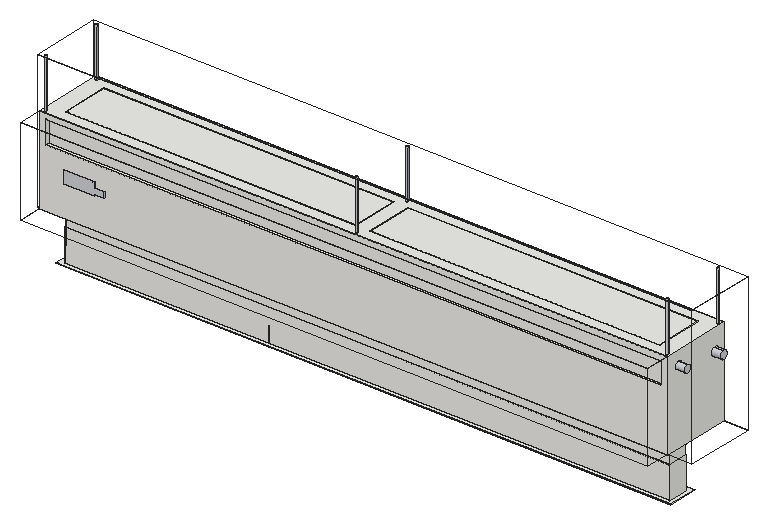
Revit family "AIRTECNICS_AIR CURTAIN_INVISAIR_DX-VRF_(HITACHI)123", category Mechanical Equipment, Revit 2016
Family settings
  Part Type = Normal
  Round Connector Dimension = Use Diameter
  OmniClass Number = 23.75.70.21.17
  OmniClass Title = Air Curtains
  Work Plane-Based = No
  Always vertical = Yes
  Cut with Voids When Loaded = No
  Shared = No
  Room Calculation Point = No
Parameters (values of type "IECG 2500 VRF29-HI")
  · POSITION · [instance] = "-/ Select Curtain Position /-"  # constant formula
  · PIPES POSITION · [instance] = "-/ Select Pipes Position /-"  # constant formula
  · OTHERS · [instance] = "-/ Select Supports - Inst.Maint. Space /-"  # constant formula
  · KITS CONFIGURATION · [instance] = "-/ Configure Length Kit /-"  # constant formula
  · HEATING · = "-/ Select Heating /-"  # constant formula
  · EXTERNAL UNIT · [instance] = "-/ Select External Unit Type /-"  # constant formula
  · COIL ROWS · = "-/ Select DX Coil Rows /-"  # constant formula
  Weight [instance] = size_lookup(Name_Lookup_Data, "Weight", 1.00 kg, CM, CT, CH, CR)  # 94.00 kg
  Voltage [instance] = 230 V  # constant formula
  URL_Manufacturer = "https://www.airtecnics.com/"
  URL_Datasheet = "https://www.airtecnics.com/download/file/5862/invisair-dx-hitachi-1-1-and-vrf.pdf"
  Triple Phase (External Ut.) [instance] = no
  Supports Length [instance] = 200.0 mm
  Supports (Horizontal) [instance] = yes
  Special Installation [instance] = no
  Single Phase (External Ut.) [instance] = not([Triple Phase (External Ut.)])  # yes
  Revit Version = "Revit 2016 - English"  # constant formula
  Review Date = "11/2018"  # constant formula
  Remote Control = "-"  # constant formula
  URL = "https://www.airtecnics.com/products/heat-pump-air-curtain-invisair-dx-for-hitachi"
  Refrigerant Pipes_P4 [instance] = yes
  Refrigerant Pipes_P3 [instance] = no
  Refrigerant Pipes_P2 (Stn) [instance] = if(or(Refrigerant Pipes_P1, Refrigerant Pipes_P3, Refrigerant Pipes_P4), 1 = 0, 1 = 1)  # no
  Refrigerant Pipes_P1 [instance] = no
  Product Size = if(L = 1500.0 mm, "1500", if(L = 2000.0 mm, "2000", "2500"))  # "2500"
  Product Reference [instance] = size_lookup(Name_Lookup_Ref, "", "Consult Manufacturer", CM, CT, CH, CR)  # "IECG 2500 VRF29-HI"
  Product Heating [instance] = if(DX 1:1, "Direct Expansion 1:1 system", "Direct Expansion VRF system")  # "Direct Expansion VRF system"
  Product Description [instance] = size_lookup(Name_Lookup_Data, "", "Consult Manufacturer", CM, CT, CH, CR)  # "Energy saving heat pump air curtain: Up to 70% reduction in costs and CO2 emissions (heating mode).\r\nSpecially designed for applications where the body of the air curtain is to be installed inside a column or bulkhead for architectural reasons. It can be vertically or horizontally mounted.\r\nSelf-supporting casing construction made of galvanized steel plate, finished in structural epoxy-polyester painting white colour RAL9016 as standard. Other colours or stainless steel are available on request. \r\nThe air flow of Invisair follows a straight line from the air inlet grille to the to the discharge. Inlet area inside a bulkhead or column should be designed with suitable grille provided by others.\r\nAnodized aluminium outlet vanes, airfoil shaped, adjustable from 0 to 15º each side.\r\nDouble-inlet centrifugal fans driven by an external rotor motor and low noise level. 5-speed selector. EC models assembled with very low consumption efficiency fans. \r\nIncludes only heating direct expansion coil with installed temperature sensors.\r\nPlug&Play control panel CS-5DX-NE slave DX with 5 speeds selector and 7m telephone cable included.\r\nReady to connect to HITACHI VRF outdoor heat pump unit (R410A), not included, the customer should purchase it.\r\nRequires EXV-10.0E2 HITACHI VRF Interface KIT adapted for air curtain with expansion valve and  PC-ART programmable control, please consult. The client should send the complete DX kit to Airtècnics in order to adapt it and install the temperature sensors.\r\nAir Volume: 5110 m3/h \r\nFans:  0,497 kW  4,34 A 230Vx1 50/60Hz\r\nHeating capacity: 28,89 kW\r\nDimensions: 285x570/620x2555 mm (depth, height, length), including telescopic outlet for easy installation.\r\nNOT SUPPLIED BY AIRTÈCNICS:\r\nEXV-10.0E2 Interface VRF kit with direct expansion valve and PC-ART programmable control.\r\nExternal unit VRF."
  Power Fans Factor [instance] = size_lookup(Name_Lookup_Data, "Power Fans Factor", 1, CM, CT, CH, CR)  # 0.5
  Power Fans [instance] = size_lookup(Name_Lookup_Data, "Power Fans", 1 kW, CM, CT, CH, CR)  # 0.497 kW
  P = 1 = 1  # yes
  Outlet Kit Length [instance] = 210.0 mm
  Noise Level (dB(A)) [instance] = size_lookup(Name_Lookup_Data, "Noise Level (dB(A))", 1, CM, CT, CH, CR)  # 64
  Name_Lookup_Ref_EU = "INVISAIR_(DX)_HI_Ref_EU_Lookup"  # constant formula
  Name_Lookup_Ref = "INVISAIR_(DX)_HI_Ref_Lookup"  # constant formula
  Name_Lookup_Data3 = "INVISAIR_(DX)_HI_Mainfolds_Lookup"  # constant formula
  Name_Lookup_Data2 = "INVISAIR_(DX)_HI_DXkit_Lookup"  # constant formula
  Name_Lookup_Data = "INVISAIR_(DX)_HI_Data_Lookup"  # constant formula
  Model = "Air Curtain Invisair DX/VRF Hitachi"  # constant formula
  Material Grille = AIRTECNICS_Perforated_Invisair_White RAL 9016
  Material Curtain [instance] = AIRTECNICS_White RAL 9016
  Mainfolds [instance] = size_lookup(Name_Lookup_Data3, "", "Consult Manufacturer", CM, CT, CH, CR)  # "1\" & 1/2"
  Length = if(L > 1500.0 mm, L + 55.0 mm, L + 50.0 mm)  # 2555.0 mm
  Kits Range [instance] = "Min. 210 mm / Max. 260 mm"  # constant formula
  Height [instance] = 570.0 mm + Outlet Kit Length - 210.0 mm + Depth - Depth  # 570.0 mm
  Heating Capacity [instance] = size_lookup(Name_Lookup_Data, "Heating Capacity", 1 kW, CM, CT, CH, CR)  # 28.89 kW
  Gas Coil Volume [instance] = size_lookup(Name_Lookup_Data, "Gas Coil Volume", 1.00 m³, CM, CT, CH, CR)  # 0.0053 m³
  G = 1 = 1  # yes
  Frequency = 50 Hz  # constant formula
  Fans Stage = 5  # constant formula
  Family Version = "1.0"  # constant formula
  External Ut. Reference [instance] = size_lookup(Name_Lookup_Ref_EU, "", "Consult Manufacturer", CM, CT, CH, CR, CEU)  # "Not available"
  Expansion Valve [instance] = "Included on DX Kit"  # constant formula
  EC = 1 = 1  # yes
  Dn_Metric_Refrig_Liquid [instance] = size_lookup(Name_Lookup_Data3, "Dn_Liquid", 1 mm, CM, CT, CH, CR)  # 15 mm
  Dn_Metric_Refrig_Gas [instance] = size_lookup(Name_Lookup_Data3, "Dn_Gas", 1 mm, CM, CT, CH, CR)  # 25 mm
  Depth = 285.0 mm  # constant formula
  DX VRF = not(DX 1:1)  # yes
  DX Kit [instance] = size_lookup(Name_Lookup_Data2, "", "Consult Manufacturer", CM, CT, CH, CR)  # "EXV-10.0E2"
  DX Controller [instance] = "PC-ART"  # constant formula
  DX Coil Rows = 4 = yes
  DX Coil Rows = 3 = not([DX Coil Rows = 4])  # no
  DX 1:1 = no
  Current Fans [instance] = size_lookup(Name_Lookup_Data, "Current Fans", 1 A, CM, CT, CH, CR)  # 4.34 A
  Created by = "BIMETRICAL"  # constant formula
  Control [instance] = "CS-5DX-NE"  # constant formula
  Capacity_Frig_Liquid [instance] = 0.0 L/s
  Capacity_Frig_Gas [instance] = 0.0 L/s
  Cable = "CB7"  # constant formula
  CT [instance] = if(L = 1000.0 mm, 2, 0) + if(L = 1500.0 mm, 4, 0) + if(L = 2000.0 mm, 8, 0) + if(L = 2500.0 mm, 16, 0) + if(L = 3000.0 mm, 32, 0)  # 16
  CR [instance] = if([DX Coil Rows = 3], 4, 2)  # 2
  CM [instance] = 12  # constant formula
  CH [instance] = if(DX 1:1, 2, 4)  # 4
  CEU [instance] = if([Single Phase (External Ut.)], 2, 4)  # 2
  Aspiration/Maintenance Space [instance] = yes
  Apparent Load [instance] = size_lookup(Name_Lookup_Data, "Apparent Load", 1 VA, CM, CT, CH, CR)  # 994 VA
  Airflow [instance] = size_lookup(Name_Lookup_Data, "Airflow", 1 m³/h, CM, CT, CH, CR)  # 5110 m³/h
  L = 2500.0 mm
  Type Image = <None>
  IfcExportType = "DXCOOLINGCOIL"  # constant formula
  IfcExportAs = "IfcCoilType"  # constant formula
  Horizontal [instance] = 1 = 1  # yes
  Manufacturer = "AIRTECNICS"  # constant formula
  Description = ""
  Type Comments = "Energy saving heat pump air curtain: Up to 70% reduction in costs and CO2 emissions (heating mode).\r\nSpecially designed for applications where the body of the air curtain is to be installed inside a column or bulkhead for architectural reasons. It can be vertically or horizontally mounted.\r\nSelf-supporting casing construction made of galvanized steel plate, finished in structural epoxy-polyester painting white colour RAL9016 as standard. Other colours or stainless steel are available on request.\r\nThe air flow of Invisair follows a straight line from the air inlet grille to the to the discharge. Inlet area inside a bulkhead or column should be designed with suitable grille provided by others.\r\nAnodized aluminium outlet vanes, airfoil shaped, adjustable from 0 to 15º each side.\r\nDouble-inlet centrifugal fans driven by an external rotor motor and low noise level. 5-speed selector. EC models assembled with very low consumption efficiency fans.\r\nIncludes only heating direct expansion coil with installed temperature sensors.\r\nPlug&Play control panel CS-5DX-NE slave DX with 5 speeds selector and 7m telephone cable included.\r\nDX 1:1:\r\nReady to connect to HITACHI Inverter outdoor heat pump unit (R410A), not included, the customer should purchase it.\r\nRequires HITACHI DX Interface KIT adapted for air curtain with expansion valve and programmable control, please consult.\r\nDX VRF:\r\nReady to connect to HITACHI VRF outdoor heat pump unit (R410A), not included, the customer should purchase it.\r\nRequires HITACHI VRF Interface KIT adapted for air curtain with expansion valve and programmable control, please consult.\r\n"  # constant formula
  BIMETRICAL Category = "Coil"  # constant formula
  BIMETRICAL = "http://www.bimetrical.com"  # constant formula
Reference planes
  plane 1 "Centro (Frontal/Posterior)": z = 0
  plane 2: y = 246.57
  plane 3 "Centro (Izquierda/Derecha)": x = 0
Nested families
  nested 1: "GEOM_INVISAIR_(DX)" at (0, 246.57, 0), Outlet Kit Lenght <- "Outlet Kit Length", Supports (Horizontal) <- "Supports (Horizontal)", Aspiration/Maintenance Space <- "Aspiration/Maintenance Space", P1 <- "Refrigerant Pipes_P1", P3 <- "Refrigerant Pipes_P3", P4 <- "Refrigerant Pipes_P4", SPCI <- "Special Installation", type "GEOM_INVISAIR_(DX)"
    with Vertical Right no, Vertical Left no, VSUP yes, VPE no, VPD no, Supports (Horizontal) yes, STNI yes, SPCI no, P4 yes, P3 no, P2 no, P1 no, Outlet Kit Lenght 210.0 mm, OKL 210.0 mm, L3 100.0 mm, L2 10.0 mm, L1 176.22 mm, Horizontal yes, C_P 8, C_L 8, CH_4 50.0 mm, CH_3 106.0 mm, CH_2 2449.0 mm, CH_1 277.52 mm, CC_4 235.0 mm, CC_3 139.17 mm, CC_2 2415.83 mm, CC_1 307.52 mm, Aspiration/Maintenance Space yes, AH 180.00°, AC 180.00°, L* 2555.0 mm, L 2500.0 mm
Connectors
  electrical at (-1075.125, 103.07, 148.65), driven by "Voltage", driven by "Apparent Load", driven by "Power Fans Factor"
    settings: on nested 1, index 1, voltage 230 V, apparent load 994 VA, apparent load phase1 0 VA, apparent load phase2 0 VA, apparent load phase3 0 VA, power factor 0.5, load classification "HVAC", number of poles 1, system type 30, power factor state 1, is connector primary yes, connector utility no, sub classification motor no, connector description ""
  piping at (1317.5, 154.07, 307.579), diameter 15, driven by "Capacity_Frig_Liquid", driven by "Dn_Metric_Refrig_Liquid"
    settings: on nested 1, index 2, connector inside diameter 609.6 mm, connector length 0.0 mm, flow factor 0, pipe flow 0.0 L/s, pressure drop 0.0 Pa, fitting loss kfactor 0, connector angle 0.00°, fixture units 0, engagement length 0.0 mm, angle of deflection 0.00°, flow configuration 1, flow direction 2, fitting loss method 0, system type 8, joint type 0, gender type 0, connector reference index -1, connector utility 0, adjustable connector no, is connector primary yes, connector description "Out"
  piping at (1317.5, 339.07, 277.52), diameter 25, driven by "Capacity_Frig_Gas", driven by "Dn_Metric_Refrig_Gas"
    settings: on nested 1, index 3, connector inside diameter 609.6 mm, connector length 0.0 mm, flow factor 0, pipe flow 0.0 L/s, pressure drop 0.0 Pa, fitting loss kfactor 0, connector angle 0.00°, fixture units 0, engagement length 0.0 mm, angle of deflection 0.00°, flow configuration 1, flow direction 1, fitting loss method 0, system type 7, joint type 0, gender type 0, connector reference index -1, connector utility 0, adjustable connector no, is connector primary no, connector description "In"
Definition of nested family "GEOM_INVISAIR_(DX)"
  Parameters (values of type "GEOM_INVISAIR_(DX)")
    Vertical Right [instance] = 1 = 0  # no
    Vertical Left [instance] = 1 = 0  # no
    VSUP [instance] = if(and(Horizontal, [Supports (Horizontal)]), 1 = 1, 1 = 0)  # yes
    VPE [instance] = Vertical Left  # no
    VPD [instance] = Vertical Right  # no
    Supports Length = 200.0 mm
    Supports (Horizontal) [instance] = yes
    STNI [instance] = not(SPCI)  # yes
    SPCI [instance] = no
    Revit Version = "Revit 2016 - English"  # constant formula
    Review Date = "11/2018"  # constant formula
    P4 [instance] = yes
    P3 [instance] = no
    P2 [instance] = not(or(P1, P3, P4))  # no
    P1 [instance] = no
    P = 1 = 1  # yes
    Outlet Kit Lenght [instance] = 210.0 mm
    OKL [instance] = if(Outlet Kit Lenght > 260.0 mm, 260.0 mm, if(Outlet Kit Lenght < 210.0 mm, 210.0 mm, Outlet Kit Lenght))  # 210.0 mm
    Name_CH = "CH_Dimensions_Lookup"  # constant formula
    Name_CC = "CC_Dimensions_Lookup"  # constant formula
    Model = "INVISAIR (DX)"  # constant formula
    Material Grille = none
    Material Curtain = none
    Manufacturer = "AIRTECNICS"  # constant formula
    L_sup = if(Supports Length = 0.0 mm, 1.0 mm, Supports Length)  # 200.0 mm
    L6 = 0.0 mm  # constant formula
    L5 = 0.0 mm  # constant formula
    L4 = 0.0 mm  # constant formula
    L3 [instance] = if(and(P, P4), 100.0 mm, 10.0 mm)  # 100.0 mm
    L2 [instance] = if(and(P, P1), 100.0 mm, 10.0 mm)  # 10.0 mm
    L1 [instance] = if(STNI, 176.22 mm, 108.78 mm)  # 176.22 mm
    L* = if(L < 2000.0 mm, L + 50.0 mm, L + 55.0 mm)  # 1550.0 mm
    L = 1500.0 mm
    Horizontal [instance] = 1 = 1  # yes
    Family Version = "1.0"  # constant formula
    Default Elevation = 1219.2 mm
    D_P = 20.00 mm
    Created by = "BIMETRICAL"  # constant formula
    C_P [instance] = if(P1, 1, 0) + if(P2, 2, 0) + if(P3, 4, 0) + if(P4, 8, 0)  # 8
    C_L [instance] = if(L = 1500.0 mm, 2, 0) + if(L = 2000.0 mm, 4, 0) + if(L = 2500.0 mm, 8, 0)  # 2
    CH_4 [instance] = size_lookup(Name_CH, "CH_4", 235.0 mm, C_L, C_P)  # 50.0 mm
    CH_3 [instance] = size_lookup(Name_CH, "CH_3", 37.0 mm, C_L, C_P)  # 106.0 mm
    CH_2 [instance] = size_lookup(Name_CH, "CH_2", 139.0 mm, C_L, C_P)  # 1444.0 mm
    CH_1 [instance] = size_lookup(Name_CH, "CH_1", 275.86 mm, C_L, C_P)  # 277.52 mm
    CC_4 [instance] = size_lookup(Name_CC, "CC_4", 50.0 mm, C_L, C_P)  # 235.0 mm
    CC_3 [instance] = size_lookup(Name_CC, "CC_3", 221.89 mm, C_L, C_P)  # 139.17 mm
    CC_2 [instance] = size_lookup(Name_CC, "CC_2", 106.0 mm, C_L, C_P)  # 1410.83 mm
    CC_1 [instance] = size_lookup(Name_CC, "CC_1", 313.86 mm, C_L, C_P)  # 307.52 mm
    BIMETRICAL = "http://www.bimetrical.com/"  # constant formula
    B1 = 0.0 mm  # constant formula
    B = 0.0 mm  # constant formula
    Aspiration/Maintenance Space [instance] = yes
    AH [instance] = size_lookup(Name_CH, "AH", 90.00°, C_L, C_P)  # 180.00°
    AC [instance] = size_lookup(Name_CC, "AC", 90.00°, C_L, C_P)  # 180.00°
    A = 0.0 mm  # constant formula
  Reference planes
    plane 1 "Centro (Frontal/Posterior)": y = 0
    plane 2: z = 0
    plane 3 "Centro (Izquierda/Derecha)": x = 0
    plane 4: y = 142.5
    plane 5: y = -142.5
    plane 6: x = -775
    plane 7: x = 775
    plane 8: z = 360
    plane 9: x = -751
    plane 10: x = 751
    plane 11: z = 337
    plane 12: x = -708
    plane 13: x = 708
    plane 14: x = 30
    plane 15: x = -30
    plane 16: y = -96.75
    plane 17: y = 96.75
    plane 18: z = 307.52
    plane 19: z = 277.52
    plane 20: x = 635.83
    plane 21: x = 669
    plane 22: y = -92.5
    plane 23: y = 92.5
    plane 24: x = -762.5
    plane 25: x = 762.5
    plane 26: y = 128.5
    plane 27: y = -128.5
  Forms (mm)
    Extrusion 1, solid, material <- "Material Curtain"
      sketch origin (-1376.546, -1524, 270) x (-1, 0, 0) y (0, -1, 0)
        loop
          line (-601.546, -1666.5) -> (-601.546, -1381.5) -> (-2151.546, -1381.5) -> (-2151.546, -1666.5) -> (-601.546, -1666.5)
      from -270 to 90
    Extrusion 2, void
      sketch origin (-1776.211, -142.5, 1200) x (1, 0, 0) y (0, 0, -1)
        loop
          line (1025.211, 863) -> (2527.211, 863) -> (2527.211, 956) -> (1025.211, 956) -> (1025.211, 863)
      from 13 to 0
    Extrusion 3, void
      sketch origin (-1504.338, -1524, 360) x (-1, 0, 0) y (0, -1, 0)
        loop
          line (-796.338, -1620.75) -> (-796.338, -1427.25) -> (-1474.338, -1427.25) -> (-1474.338, -1620.75) -> (-796.338, -1620.75)
        loop
          line (-1534.338, -1620.75) -> (-1534.338, -1427.25) -> (-2212.338, -1427.25) -> (-2212.338, -1620.75) -> (-1534.338, -1620.75)
      from 0 to -13
    Extrusion 4, solid, material <- "Material Grille"
      sketch origin (-1504.338, -1524, 360) x (-1, 0, 0) y (0, -1, 0)
        loop
          line (-796.338, -1620.75) -> (-796.338, -1427.25) -> (-1474.338, -1427.25) -> (-1474.338, -1620.75) -> (-796.338, -1620.75)
        loop
          line (-1534.338, -1620.75) -> (-1534.338, -1427.25) -> (-2212.338, -1427.25) -> (-2212.338, -1620.75) -> (-1534.338, -1620.75)
      from 0 to -2
    Extrusion 5, solid
      sketch origin (-1776.211, -142.5, 1200) x (-1, 0, 0) y (0, 0, -1)
        loop
          line (-1226.124, 1071.5) -> (-1226.298, 1067.5) -> (-1263.211, 1067.5) -> (-1263.211, 1044.2) -> (-1226.211, 1044.2) -> (-1226.211, 1022.2) -> (-1098.711, 1022.2) -> (-1098.711, 1071.5) -> (-1226.124, 1071.5)
      from 0 to 1
    Extrusion 6, solid, visible <- "P"
      sketch origin (775, -92.5, 307.52) x (0, 0, 1) y (0, -1, 0)
        loop
          circle (0.059, 0) r 13.5
      from 0 to 40
    Extrusion 7, solid, visible <- "P"
      sketch origin (775, 92.5, 278.518) x (0, 0, 1) y (0, -1, 0)
        loop
          circle (-0.998, 0) r 15.5
      from 0 to 40
    Extrusion 8, solid, visible <- "Aspiration/Maintenance Space"
      sketch origin (-1776.211, -142.5, 1200) x (-1, 0, 0) y (0, 0, -1)
        loop
          line (-1001.211, 1200) -> (-1001.211, 840) -> (-2551.211, 840) -> (-2551.211, 1200) -> (-2651.211, 1200) -> (-2651.211, 640) -> (-991.211, 640) -> (-991.211, 1200) -> (-1001.211, 1200)
      from 0 to -285
    Extrusion 9, solid, visible <- "Aspiration/Maintenance Space"
      sketch origin (-1776.211, -142.5, 1200) x (-1, 0, 0) y (0, 0, -1)
        loop
          line (-1001.211, 840) -> (-1001.211, 1200) -> (-2551.211, 1200) -> (-2551.211, 840) -> (-1001.211, 840)
      from 0 to 100
    Extrusion 10, solid, visible <- "VSUP"
      sketch origin (-1504.338, -1524, 360) x (-1, 0, 0) y (0, -1, 0)
        loop
          circle (-741.838, -1652.5) r 4
        loop
          circle (-741.838, -1395.5) r 4
        loop
          circle (-1504.338, -1395.5) r 4
        loop
          circle (-1504.338, -1652.5) r 4
        loop
          circle (-2266.838, -1652.5) r 4
        loop
          circle (-2266.838, -1395.5) r 4
      from -1 to 200
  Cuts and joins
    Extrusion 2, Extrusion 3 cuts Extrusion 1
  Lines and regions (mm)
    reference lines
      curve 1: line (635.83, -92.5, 307.52) -> (775, -92.5, 307.52)
      curve 2: line (669, 92.5, 277.52) -> (775, 92.5, 277.52)
    symbolic lines
      curve 3: line (-775, 142.5, 277.52) -> (775, 142.5, 277.52)
      curve 4: line (-775, -142.5, 277.52) -> (-775, 142.5, 277.52)
      curve 5: line (775, -142.5, 277.52) -> (-775, -142.5, 277.52)
      curve 6: line (775, 142.5, 277.52) -> (775, -142.5, 277.52)
      curve 7: line (-721, -15.69, 277.52) -> (721, -15.69, 277.52)
      curve 8: line (-721, -23.386, 277.52) -> (-721, -15.69, 277.52)
      curve 9: line (721, -23.386, 277.52) -> (-721, -23.386, 277.52)
      curve 10: line (721, -15.69, 277.52) -> (721, -23.386, 277.52)
      curve 11: line (721, -44.054, 277.52) -> (-721, -44.054, 277.52)
      curve 12: line (721, -51.746, 277.52) -> (721, -44.054, 277.52)
      curve 13: line (-721, -51.746, 277.52) -> (721, -51.746, 277.52)
      curve 14: line (-721, -44.054, 277.52) -> (-721, -51.746, 277.52)
    symbolic lines, visible <- "Aspiration/Maintenance Space"
      curve 15: line (-775, 142.5, 277.52) -> (-785, 142.5, 277.52)
      curve 16: line (-785, 142.5, 277.52) -> (-785, -142.5, 277.52)
      curve 17: line (-785, -142.5, 277.52) -> (-775, -142.5, 277.52)
      curve 18: line (775, 142.5, 277.52) -> (875, 142.5, 277.52)
      curve 19: line (875, 142.5, 277.52) -> (875, -142.5, 277.52)
      curve 20: line (875, -142.5, 277.52) -> (775, -142.5, 277.52)
      curve 21: line (-775, -142.5, 277.52) -> (-775, -242.5, 277.52)
      curve 22: line (-775, -242.5, 277.52) -> (775, -242.5, 277.52)
      curve 23: line (775, -242.5, 277.52) -> (775, -142.5, 277.52)
      curve 24: line (-775, -142.5, 0) -> (-785, -142.5, 0)
      curve 25: line (-785, -142.5, 0) -> (-785, -142.5, 560)
      curve 26: line (-785, -142.5, 560) -> (875, -142.5, 560)
      curve 27: line (875, -142.5, 560) -> (875, -142.5, 0)
      curve 28: line (875, -142.5, 0) -> (775, -142.5, 0)
      curve 29: line (-775, -142.5, 0) -> (-775, -242.5, 0)
      curve 30: line (-775, -242.5, 0) -> (-775, -242.5, 360)
      curve 31: line (-775, -242.5, 360) -> (-775, -142.5, 360)
      curve 32: line (-775, -142.5, 360) -> (-775, -142.5, 560)
      curve 33: line (-775, -142.5, 560) -> (-775, 142.5, 560)
      curve 34: line (-775, 142.5, 560) -> (-775, 142.5, 360)
  Dimensions and locks
    equal spacing: plane 5, plane 1 "Centro (Frontal/Posterior)", plane 4
    locked: plane 5 to plane 4 at 285
    equal spacing: plane 6, plane 3 "Centro (Izquierda/Derecha)", plane 7
    "L*": plane 6 to plane 7
    locked: plane 8 to plane 2 at 360
    locked: plane 9 to plane 6 at 24
    locked: plane 10 to plane 7 at 24
    locked: plane 8 to plane 11 at 23
    locked: plane 6 to plane 12 at 67
    plane 13 to plane 7 = 67.0 mm
    plane 3 "Centro (Izquierda/Derecha)" to plane 14 = 30.0 mm
    plane 3 "Centro (Izquierda/Derecha)" to plane 15 = 30.0 mm
    locked: plane 16 to plane 5 at 45.75
    locked: plane 17 to plane 4 at 45.75
    locked: plane 11 to Extrusion 2 sketch curve at 93
    "CC_1": plane 18 to level
    "CH_1": plane 19 to level
    "CC_2": plane 20 to plane 6
    "CH_2": plane 21 to plane 6
    "CC_4": plane 4 to plane 22
    "CH_4": plane 4 to plane 23
    "CC_3": curve 1 to curve 1
    "CH_3": curve 2 to curve 2
    locked: level to nested 1 at 0
    "L1": plane 4 to nested 1
    "L2": plane 6 to Extrusion 8 sketch curve
    "L3": plane 7 to Extrusion 8 sketch curve
    locked: plane 6 to plane 24 at 12.5
    locked: plane 25 to plane 7 at 12.5
    locked: plane 4 to plane 26 at 14
    locked: plane 5 to plane 27 at 14
    "Supports Length": Extrusion 10 to plane 8
    locked: Extrusion 5 sketch curve to plane 6 at 97.5
    locked: Extrusion 5 sketch curve to plane 6 at 262
    Extrusion 9 to plane 20 = 1410.83 mm
    Extrusion 9 to plane 21 = 106.0 mm
    diameter of Extrusion 7 sketch curve = 31.0 mm
    diameter of Extrusion 6 sketch curve = 27.0 mm
    "AC": angle curve 1 to plane 22
    "AH": angle curve 2 to plane 23
    aligned and locked: level to plane 2
    aligned and locked: Extrusion 1 sketch curve to plane 4
    aligned and locked: plane 6 to Extrusion 1 sketch curve
    aligned and locked: Extrusion 1 sketch curve to plane 5
    aligned and locked: plane 7 to Extrusion 1 sketch curve
    aligned and locked: Extrusion 1 to level
    aligned and locked: plane 8 to Extrusion 1
    aligned and locked: plane 9 to Extrusion 2 sketch curve
    aligned and locked: plane 10 to Extrusion 2 sketch curve
    aligned and locked: plane 5 to cut or joined group of Extrusion 1, Extrusion 2, Extrusion 3
    aligned and locked: plane 17 to Extrusion 3 sketch curve  (x2)
    aligned and locked: plane 12 to Extrusion 3 sketch curve
    aligned and locked: plane 16 to Extrusion 3 sketch curve  (x2)
    aligned and locked: Extrusion 3 sketch curve to plane 15
    aligned and locked: Extrusion 3 sketch curve to plane 14
    aligned and locked: plane 13 to Extrusion 3 sketch curve
    aligned and locked: plane 12 to Extrusion 4 sketch curve
    aligned and locked: plane 17 to Extrusion 4 sketch curve
    aligned and locked: plane 13 to Extrusion 4 sketch curve
    aligned and locked: Extrusion 4 sketch curve to plane 14
    aligned and locked: Extrusion 4 sketch curve to plane 15
    aligned and locked: plane 22 to curve 1
    aligned and locked: plane 20 to curve 1
    aligned and locked: plane 23 to curve 2
    aligned and locked: plane 21 to curve 2
    aligned and locked: Extrusion 5 to plane 5
    aligned and locked: curve 3 to cut or joined group of Extrusion 1, Extrusion 2, Extrusion 3
    aligned and locked: curve 4 to cut or joined group of Extrusion 1, Extrusion 2, Extrusion 3
    aligned and locked: curve 5 to cut or joined group of Extrusion 1, Extrusion 2, Extrusion 3
    aligned and locked: curve 6 to cut or joined group of Extrusion 1, Extrusion 2, Extrusion 3
    aligned and locked: curve 8 to nested 1
    aligned and locked: curve 9 to nested 1
    aligned and locked: curve 10 to nested 1
    aligned and locked: curve 11 to nested 1
    aligned and locked: curve 12 to nested 1
    aligned and locked: curve 13 to nested 1
    aligned and locked: curve 14 to nested 1
    aligned and locked: Extrusion 9 sketch curve to cut or joined group of Extrusion 1, Extrusion 2, Extrusion 3  (x2)
    aligned and locked: curve 19 to Extrusion 8
    aligned and locked: curve 22 to Extrusion 9
    aligned and locked: Extrusion 9 to plane 6
    aligned and locked: curve 27 to Extrusion 8
    aligned and locked: plane 24 to Extrusion 10 sketch curve
    aligned and locked: plane 26 to Extrusion 10 sketch curve  (x3)
    aligned and locked: plane 27 to Extrusion 10 sketch curve  (x3)
    aligned and locked: plane 3 "Centro (Izquierda/Derecha)" to Extrusion 10 sketch curve
    aligned and locked: curve 25 to Extrusion 8
    aligned and locked: curve 16 to Extrusion 8
    aligned and locked: plane 7 to Extrusion 9 sketch curve
  Automatic sketch dimensions
    Extrusion 2 sketch curve to plane 11 = 0.0 mm
    plane 17 to Extrusion 4 sketch curve = 0.0 mm
    Extrusion 4 sketch curve to plane 16 = 0.0 mm  (x2)
    Extrusion 5 sketch curve to Extrusion 5 sketch curve = 36.913 mm
    Extrusion 5 sketch curve to Extrusion 5 sketch curve = 0.087 mm
    Extrusion 5 sketch curve to Extrusion 5 sketch curve = 0.175 mm
    Extrusion 5 sketch curve to level = 128.5 mm
    Extrusion 5 sketch curve to Extrusion 5 sketch curve = 4.0 mm
    Extrusion 5 sketch curve to Extrusion 5 sketch curve = 23.3 mm
    Extrusion 5 sketch curve to Extrusion 5 sketch curve = 49.3 mm
    curve 8 to curve 8 = 7.696 mm
    Extrusion 9 sketch curve to level = 0.0 mm
    curve 28 to level = 0.0 mm
    plane 7 to curve 28 = 0.0 mm
    curve 24 to plane 6 = 0.0 mm
    curve 25 to level = 0.0 mm
    curve 26 to plane 8 = 200.0 mm
    Extrusion 10 sketch curve to plane 25 = 0.0 mm  (x2)
    Extrusion 10 sketch curve to plane 3 "Centro (Izquierda/Derecha)" = 0.0 mm
    Extrusion 10 sketch curve to plane 24 = 0.0 mm
    plane 18 to Extrusion 6 sketch curve = 0.059 mm
    Extrusion 7 sketch curve to plane 19 = 0.0 mm
    Extrusion 6 sketch curve to plane 22 = 0.0 mm
    Extrusion 7 sketch curve to plane 23 = 0.0 mm
    curve 30 to plane 8 = 0.0 mm
    curve 29 to plane 5 = 0.0 mm
    curve 31 to plane 5 = 0.0 mm
    curve 33 to plane 4 = 0.0 mm
    curve 34 to plane 8 = 0.0 mm
    curve 31 to curve 31 = 100.0 mm
    level to curve 30 = 0.0 mm
    plane 8 to curve 33 = 200.0 mm
    plane 7 to Extrusion 8 sketch curve = 0.0 mm
    Extrusion 8 sketch curve to level = 0.0 mm  (x2)
    Extrusion 8 sketch curve to plane 6 = 0.0 mm
    Extrusion 8 sketch curve to plane 8 = 0.0 mm
    Extrusion 8 sketch curve to plane 8 = 200.0 mm
    radius of Extrusion 10 sketch curve = 4.0 mm  (x6)
  Nested families
    nested 1: "GEOM_INVISAIR_OUTLET KIT" at (0, -280.29, -210), L <- "L", Outlet Kit Length <- "OKL", Material <- "Material Curtain", type "Outlet Kit"
      with Vi3 yes, Vi2 no, Vi1 yes, Outlet Kit Length 210.0 mm, Material none, L-45 1454.0 mm, L-39 1460.0 mm, L-2 1498.0 mm, L-16 1496.0 mm, L* 1550.0 mm, L 1500.0 mm
  Definition of nested family "GEOM_INVISAIR_OUTLET KIT"
    Parameters (values of type "Outlet Kit")
      Vi3 [instance] = yes
      Vi2 [instance] = if(L > 2200.0 mm, 1 = 1, 1 = 0)  # no
      Vi1 [instance] = if(L > 2200.0 mm, 1 = 0, 1 = 1)  # yes
      URL = "https://www.airtecnics.com/products/air-curtain-windbox-m-g"
      Revit Version = "Revit 2016 - English"  # constant formula
      Review Date = "10/18"  # constant formula
      Model = "Outlet Kit"  # constant formula
      Outlet Kit Length [instance] = 210.0 mm
      Material [instance] = none
      L-45 [instance] = [L*] - 96.0 mm  # 1454.0 mm
      L-39 [instance] = [L*] - 90.0 mm  # 1460.0 mm
      L-2 [instance] = [L*] - 52.0 mm  # 1498.0 mm
      L-16 [instance] = [L*] - 54.0 mm  # 1496.0 mm
      Type Image = (empty or 0)
      Manufacturer = "AIRTECNICS"  # constant formula
      Li1 = 1.0 mm
      L* [instance] = if(L < 2000.0 mm, L + 50.0 mm, L + 55.0 mm)  # 1550.0 mm
      L [instance] = 1500.0 mm
      Family Version = "1.0"  # constant formula
      Description = "AIRTECNICS_Air curtain Windbox M,G"  # constant formula
      Type Comments = ""
      Default Elevation = 1219.2 mm
      Created by = "BIMETRICAL"  # constant formula
      BIMETRICAL Category = "Fan"  # constant formula
      BIMETRICAL = "http://www.bimetrical.com/"  # constant formula
    Reference planes
      plane 1 "Centro (Frontal/Posterior)": z = 0
      plane 2: y = 246.57
      plane 3 "Centro (Izquierda/Derecha)": x = 0
      plane 4: x = -775
      plane 5: x = 775
      plane 6: x = -749
      plane 7: x = 749
      plane 8: x = -730
      plane 9: x = 730
      plane 10: x = 727
      plane 11: x = -727
      plane 12: z = 1
      plane 13: y = 205.57
      plane 14: y = 194.57
      plane 15: y = 284.07
      plane 16: y = 298.57
      plane 17: y = 209.07
      plane 18: y = 287.57
      plane 19: z = 209
      plane 20: z = 210
      plane 21: z = 109.617
      plane 22: z = 130
      plane 23: y = 187.07
      plane 24: y = 306.07
      plane 25: x = -748
      plane 26: x = 748
      plane 27: x = -721
      plane 28: x = 721
      plane 29: x = -242.333
      plane 30: x = 242.333
    Forms (mm)
      Extrusion 1, solid, material <- "Material"
        sketch origin (0, -0.907, 0) x (0, 1, 0) y (0, 0, 1)
          loop
            arc (237.142, 59.981) -> (233.296, 64) -> (229.45, 59.981) r 3.85
            line (229.45, 59.981) -> (231.847, 5.386)
            arc (231.847, 5.386) -> (233.296, 4) -> (234.745, 5.386) r 1.45
            line (234.745, 5.386) -> (237.142, 59.981)
          loop
            arc (265.503, 59.981) -> (261.656, 64) -> (257.81, 59.981) r 3.85
            line (257.81, 59.981) -> (260.208, 5.386)
            arc (260.208, 5.386) -> (261.656, 4) -> (263.105, 5.386) r 1.45
            line (263.105, 5.386) -> (265.503, 59.981)
        from -721 to 721
      Extrusion 2, solid, material <- "Material"
        sketch origin (0, 0, 0) x (1, 0, 0) y (0, 1, 0)
          loop
            line (-749, 306.07) -> (-749, 187.07) -> (749, 187.07) -> (749, 306.07) -> (-749, 306.07)
          loop
            line (-730, 205.57) -> (730, 205.57) -> (730, 287.57) -> (-730, 287.57) -> (-730, 205.57)
        from 0 to 1
      Extrusion 3, solid, material <- "Material", visible <- "Vi3"
        sketch origin (0, 0, 0) x (1, 0, 0) y (0, 1, 0)
          loop
            line (-730, 287.57) -> (-730, 205.57) -> (730, 205.57) -> (730, 287.57) -> (-730, 287.57)
          loop
            line (-729, 206.57) -> (729, 206.57) -> (729, 286.57) -> (-729, 286.57) -> (-729, 206.57)
        from 130 to 0
      Extrusion 4, solid, visible <- "Vi1", not visible
        sketch origin (-8, -340.372, 21.524) x (0, 1, 0) y (0, 0, 1)
          loop
            line (332.442, 36.84) -> (332.442, 4.84) -> (364.442, 4.84) -> (364.442, 36.84) -> (332.442, 36.84)
        from -1.5 to 4.5
      Extrusion 5, solid, visible <- "Vi1", not visible
        sketch origin (-4, -340.372, 2.371) x (0, 1, 0) y (0, 0, 1)
          loop
            line (310.942, 75.234) -> (310.942, 5.234) -> (385.942, 5.234) -> (385.942, 75.234) -> (310.942, 75.234)
        from 0.5 to 16.5
      Extrusion 6, solid, visible <- "Vi1", not visible
        sketch origin (-3.189, -340.372, 21.13) x (0, 1, 0) y (0, 0, 1)
          loop
            line (332.442, 37.234) -> (332.442, 5.234) -> (364.442, 5.234) -> (364.442, 37.234) -> (332.442, 37.234)
        from 15.689 to 21.689
      Extrusion 7, solid, visible <- "Vi1"
        sketch origin (-12.5, -101.872, 13.918) x (0, 1, 0) y (0, 0, 1)
          loop
            line (332.442, 36.84) -> (332.442, 4.84) -> (364.442, 4.84) -> (364.442, 36.84) -> (332.442, 36.84)
        from -1.5 to 4.5
      Extrusion 8, solid, visible <- "Vi1"
        sketch origin (-8.5, -101.872, -5.234) x (0, 1, 0) y (0, 0, 1)
          loop
            line (310.942, 75.234) -> (310.942, 5.234) -> (385.942, 5.234) -> (385.942, 75.234) -> (310.942, 75.234)
        from 0.5 to 16.5
      Extrusion 9, solid, visible <- "Vi1"
        sketch origin (-7.689, -101.872, 13.524) x (0, 1, 0) y (0, 0, 1)
          loop
            line (332.442, 37.234) -> (332.442, 5.234) -> (364.442, 5.234) -> (364.442, 37.234) -> (332.442, 37.234)
        from 15.689 to 21.689
      Extrusion 10, solid, visible <- "Vi2"
        sketch origin (-234.042, -101.872, 13.766) x (0, 1, 0) y (0, 0, 1)
          loop
            line (332.442, 36.993) -> (332.442, 4.993) -> (364.442, 4.993) -> (364.442, 36.993) -> (332.442, 36.993)
        from -22.292 to -16.292
      Extrusion 11, solid, visible <- "Vi2"
        sketch origin (-237.395, -101.872, -5.234) x (0, 1, 0) y (0, 0, 1)
          loop
            line (310.942, 75.234) -> (310.942, 5.234) -> (385.942, 5.234) -> (385.942, 75.234) -> (310.942, 75.234)
        from -12.939 to 3.061
      Extrusion 12, solid, visible <- "Vi2"
        sketch origin (-257.072, -101.872, 13.524) x (0, 1, 0) y (0, 0, 1)
          loop
            line (332.442, 37.234) -> (332.442, 5.234) -> (364.442, 5.234) -> (364.442, 37.234) -> (332.442, 37.234)
        from 22.739 to 28.739
      Extrusion 13, solid, visible <- "Vi2", not visible
        sketch origin (-404.625, -340.372, -84.071) x (0, 1, 0) y (0, 0, 1)
          loop
            line (332.442, 36.993) -> (332.442, 4.993) -> (364.442, 4.993) -> (364.442, 36.993) -> (332.442, 36.993)
        from -22.292 to -16.292
      Extrusion 14, solid, visible <- "Vi2", not visible
        sketch origin (-407.978, -340.372, -103.071) x (0, 1, 0) y (0, 0, 1)
          loop
            line (310.942, 75.234) -> (310.942, 5.234) -> (385.942, 5.234) -> (385.942, 75.234) -> (310.942, 75.234)
        from -12.939 to 3.061
      Extrusion 15, solid, visible <- "Vi2", not visible
        sketch origin (-427.656, -340.372, -84.312) x (0, 1, 0) y (0, 0, 1)
          loop
            line (332.442, 37.234) -> (332.442, 5.234) -> (364.442, 5.234) -> (364.442, 37.234) -> (332.442, 37.234)
        from 22.739 to 28.739
      Extrusion 16, solid, visible <- "Vi2"
        sketch origin (250.625, -101.872, 13.766) x (0, 1, 0) y (0, 0, 1)
          loop
            line (332.442, 36.993) -> (332.442, 4.993) -> (364.442, 4.993) -> (364.442, 36.993) -> (332.442, 36.993)
        from -22.292 to -16.292
      Extrusion 17, solid, visible <- "Vi2"
        sketch origin (247.272, -101.872, -5.234) x (0, 1, 0) y (0, 0, 1)
          loop
            line (310.942, 75.234) -> (310.942, 5.234) -> (385.942, 5.234) -> (385.942, 75.234) -> (310.942, 75.234)
        from -12.939 to 3.061
      Extrusion 18, solid, visible <- "Vi2"
        sketch origin (227.594, -101.872, 13.524) x (0, 1, 0) y (0, 0, 1)
          loop
            line (332.442, 37.234) -> (332.442, 5.234) -> (364.442, 5.234) -> (364.442, 37.234) -> (332.442, 37.234)
        from 22.739 to 28.739
      Extrusion 19, solid
        sketch origin (-724, -101.872, 13.766) x (0, 1, 0) y (0, 0, 1)
          loop
            line (332.442, 37.234) -> (332.442, 5.234) -> (364.442, 5.234) -> (364.442, 37.234) -> (332.442, 37.234)
        from -3 to 3
      Extrusion 20, solid, not visible
        sketch origin (-1202.417, -101.872, 27.291) x (0, 1, 0) y (0, 0, 1)
          loop
            line (332.442, 37.234) -> (332.442, 5.234) -> (364.442, 5.234) -> (364.442, 37.234) -> (332.442, 37.234)
        from -3 to 3
      Extrusion 21, solid
        sketch origin (724, -101.872, 13.524) x (0, 1, 0) y (0, 0, 1)
          loop
            line (332.442, 37.234) -> (332.442, 5.234) -> (364.442, 5.234) -> (364.442, 37.234) -> (332.442, 37.234)
        from -3 to 3
      Extrusion 22, solid, material <- "Material"
        sketch origin (0, 0, 0) x (0, 1, 0) y (0, 0, 1)
          loop
            line (336.57, 210) -> (321.57, 210) -> (283.07, 160) -> (283.07, 60) -> (284.07, 60) -> (284.07, 159.66) -> (322.062, 209) -> (336.57, 209) -> (336.57, 210)
          loop
            line (171.077, 209) -> (209.07, 159.66) -> (209.07, 60) -> (210.07, 60) -> (210.07, 160) -> (171.57, 210) -> (156.57, 210) -> (156.57, 209) -> (171.077, 209)
        from -726 to 726.022
      Extrusion 23, solid, material <- "Material"
        sketch origin (0, 0, 0) x (0, 1, 0) y (0, 0, 1)
          loop
            line (171.077, 209) -> (209.07, 159.66) -> (209.07, 60) -> (284.07, 60) -> (284.07, 159.66) -> (322.062, 209) -> (336.57, 209) -> (336.57, 210) -> (156.57, 210) -> (156.57, 209) -> (171.077, 209)
        from -727 to -726
      Extrusion 24, solid, material <- "Material"
        sketch origin (0, 0, 0) x (0, 1, 0) y (0, 0, 1)
          loop
            line (171.077, 209) -> (209.07, 159.66) -> (209.07, 60) -> (284.07, 60) -> (284.07, 159.66) -> (322.062, 209) -> (336.57, 209) -> (336.57, 210) -> (156.57, 210) -> (156.57, 209) -> (171.077, 209)
        from 726.022 to 727
      Extrusion 25, solid, material <- "Material"
        sketch origin (-727, 562.033, 1200) x (0, 1, 0) y (0, 0, 1)
          loop
            line (-225.463, -990) -> (-405.463, -990) -> (-405.463, -991) -> (-225.463, -991) -> (-225.463, -990)
        from 0 to -14.5
      Extrusion 26, solid, material <- "Material"
        sketch origin (727, 566.081, 1200) x (0, 1, 0) y (0, 0, 1)
          loop
            line (-229.511, -990) -> (-409.511, -990) -> (-409.511, -991) -> (-229.511, -991) -> (-229.511, -990)
        from 0 to 14.5
    Cuts and joins
      joined: Extrusion 22, Extrusion 23, Extrusion 24, Extrusion 25, Extrusion 26
    Dimensions and locks
      equal spacing: plane 4, plane 3 "Centro (Izquierda/Derecha)", plane 5
      "L*": plane 4 to plane 5
      equal spacing: plane 6, plane 3 "Centro (Izquierda/Derecha)", plane 7
      "L-2": plane 6 to plane 7
      equal spacing: plane 8, plane 3 "Centro (Izquierda/Derecha)", plane 9
      "L-39": plane 8 to plane 9
      equal spacing: plane 11, plane 3 "Centro (Izquierda/Derecha)", plane 10
      "L-45": plane 11 to plane 10
      plane 21 to plane 20 = 100.383 mm
      plane 1 "Centro (Frontal/Posterior)" to plane 22 = 130.0 mm
      locked: plane 1 "Centro (Frontal/Posterior)" to plane 12 at 1
      locked: plane 19 to plane 20 at 1
      locked: plane 23 to plane 13 at 18.5
      locked: plane 18 to plane 24 at 18.5
      locked: plane 13 to plane 18 at 82
      plane 23 to plane 24 = 119.0 mm
      "Outlet Kit Length": plane 1 "Centro (Frontal/Posterior)" to plane 20
      locked: Extrusion 1 sketch curve to Extrusion 1 sketch curve at 54.7  (x2)
      equal spacing: plane 25, plane 3 "Centro (Izquierda/Derecha)", plane 26
      "L-16": plane 25 to plane 26
      "Li1": Extrusion 3 sketch curve to Extrusion 3 sketch curve  (x4)
      locked: plane 28 to plane 10 at 6
      locked: plane 11 to plane 27 at 6
      equal spacing: plane 11, plane 29, plane 30, plane 10
      locked: Extrusion 4 sketch curve to Extrusion 4 sketch curve at 32  (x2)
      Extrusion 5 sketch curve to Extrusion 5 sketch curve = 70.0 mm
      locked: Extrusion 6 sketch curve to Extrusion 6 sketch curve at 32  (x2)
      locked: Extrusion 7 sketch curve to Extrusion 7 sketch curve at 32  (x2)
      Extrusion 8 sketch curve to Extrusion 8 sketch curve = 70.0 mm
      locked: Extrusion 9 sketch curve to Extrusion 9 sketch curve at 32  (x2)
      locked: Extrusion 10 sketch curve to Extrusion 10 sketch curve at 32  (x2)
      Extrusion 11 sketch curve to Extrusion 11 sketch curve = 70.0 mm
      locked: Extrusion 12 sketch curve to Extrusion 12 sketch curve at 32  (x2)
      locked: Extrusion 11 to plane 29 at 8
      locked: Extrusion 8 to plane 3 "Centro (Izquierda/Derecha)" at 8
      locked: Extrusion 13 sketch curve to Extrusion 13 sketch curve at 32  (x2)
      Extrusion 14 sketch curve to Extrusion 14 sketch curve = 70.0 mm
      locked: Extrusion 15 sketch curve to Extrusion 15 sketch curve at 32  (x2)
      locked: Extrusion 16 sketch curve to Extrusion 16 sketch curve at 32  (x2)
      Extrusion 17 sketch curve to Extrusion 17 sketch curve = 70.0 mm
      locked: Extrusion 18 sketch curve to Extrusion 18 sketch curve at 32  (x2)
      locked: Extrusion 17 to plane 30 at 8
      locked: Extrusion 19 sketch curve to Extrusion 19 sketch curve at 32  (x2)
      locked: Extrusion 20 sketch curve to Extrusion 20 sketch curve at 32  (x2)
      locked: Extrusion 21 sketch curve to Extrusion 21 sketch curve at 32  (x2)
      level to plane 22 = 130.0 mm
      locked: Extrusion 24 to plane 10 at 0.978
      locked: plane 11 to cut or joined group of Extrusion 22, Extrusion 23, Extrusion 24, Extrusion 25, Extrusion 26 at 1
      locked: cut or joined group of Extrusion 22, Extrusion 23, Extrusion 24, Extrusion 25, Extrusion 26 to Extrusion 23 sketch curve at 50.34
      locked: Extrusion 22 sketch curve to plane 20 at 50.34
      locked: Extrusion 24 sketch curve to plane 20 at 50.34
      Extrusion 2 to Extrusion 2 = 1498.0 mm
      cut or joined group of Extrusion 22, Extrusion 23, Extrusion 24, Extrusion 25, Extrusion 26 to cut or joined group of Extrusion 22, Extrusion 23, Extrusion 24, Extrusion 25, Extrusion 26 = 1483.0 mm
      locked: plane 15 to Extrusion 22 sketch curve (angle 37.5963°)
      locked: Extrusion 22 sketch curve to plane 17 (angle 37.5963°)
      locked: plane 15 to Extrusion 23 sketch curve (angle 37.5963°)
      locked: Extrusion 23 sketch curve to plane 17 (angle 37.5963°)
      locked: plane 15 to Extrusion 24 sketch curve (angle 37.5963°)
      locked: Extrusion 24 sketch curve to plane 17 (angle 37.5963°)
      aligned and locked: Extrusion 2 sketch curve to plane 24
      aligned and locked: plane 6 to Extrusion 2 sketch curve
      aligned and locked: plane 23 to Extrusion 2 sketch curve
      aligned and locked: plane 7 to Extrusion 2 sketch curve
      aligned and locked: Extrusion 2 sketch curve to plane 13
      aligned and locked: Extrusion 2 sketch curve to plane 8
      aligned and locked: plane 18 to Extrusion 2 sketch curve
      aligned and locked: plane 9 to Extrusion 2 sketch curve
      aligned and locked: Extrusion 3 sketch curve to plane 18
      aligned and locked: Extrusion 3 sketch curve to plane 9
      aligned and locked: plane 13 to Extrusion 3 sketch curve
      aligned and locked: plane 8 to Extrusion 3 sketch curve
      aligned and locked: plane 1 "Centro (Frontal/Posterior)" to Extrusion 2
      aligned and locked: Extrusion 2 to plane 12
      aligned and locked: Extrusion 3 to plane 22
      aligned and locked: plane 1 "Centro (Frontal/Posterior)" to Extrusion 3
      aligned and locked: Extrusion 1 to plane 27
      aligned and locked: plane 28 to Extrusion 1
      aligned and locked: plane 10 to Extrusion 21
      aligned and locked: Extrusion 8 to Extrusion 7
      aligned and locked: Extrusion 8 to Extrusion 9
      aligned and locked: Extrusion 5 to Extrusion 4
      aligned and locked: Extrusion 5 to Extrusion 6
      aligned and locked: plane 27 to Extrusion 19
      aligned and locked: Extrusion 21 to Extrusion 1
      aligned and locked: Extrusion 22 to Extrusion 23
      aligned and locked: plane 10 to Extrusion 24
      aligned and locked: Extrusion 22 to Extrusion 24
      aligned and locked: cut or joined group of Extrusion 22, Extrusion 23, Extrusion 24, Extrusion 25, Extrusion 26 to plane 11
      aligned and locked: Extrusion 25 sketch curve to cut or joined group of Extrusion 22, Extrusion 23, Extrusion 24, Extrusion 25, Extrusion 26  (x3)
    Automatic sketch dimensions
      plane 2 to Extrusion 1 sketch curve = 18.026 mm
      Extrusion 1 sketch curve to plane 12 = 4.386 mm  (x4)
      plane 2 to Extrusion 1 sketch curve = 15.629 mm
      Extrusion 1 sketch curve to Extrusion 1 sketch curve = 1.449 mm  (x2)
      Extrusion 1 sketch curve to Extrusion 1 sketch curve = 3.846 mm  (x4)
      Extrusion 1 sketch curve to plane 2 = 10.334 mm
      Extrusion 1 sketch curve to plane 2 = 12.732 mm
      Extrusion 1 sketch curve to Extrusion 1 sketch curve = 0.064 mm  (x2)
      Extrusion 1 sketch curve to Extrusion 1 sketch curve = 0.169 mm  (x2)
      Extrusion 17 sketch curve to Extrusion 17 sketch curve = 75.0 mm
      Extrusion 11 sketch curve to Extrusion 11 sketch curve = 75.0 mm
      Extrusion 14 sketch curve to Extrusion 14 sketch curve = 75.0 mm
      Extrusion 8 sketch curve to Extrusion 8 sketch curve = 75.0 mm
      Extrusion 5 sketch curve to Extrusion 5 sketch curve = 75.0 mm
      plane 20 to Extrusion 22 sketch curve = 0.0 mm
      Extrusion 22 sketch curve to plane 19 = 0.0 mm  (x2)
      Extrusion 22 sketch curve to Extrusion 22 sketch curve = 14.508 mm  (x2)
      Extrusion 22 sketch curve to plane 20 = 0.0 mm
      Extrusion 22 sketch curve to Extrusion 22 sketch curve = 0.492 mm  (x2)
      plane 17 to Extrusion 22 sketch curve = 0.0 mm
      plane 17 to Extrusion 22 sketch curve = 1.0 mm
      Extrusion 22 sketch curve to plane 15 = 1.0 mm
      plane 15 to Extrusion 22 sketch curve = 0.0 mm
      plane 24 to Extrusion 22 sketch curve = 15.5 mm
      Extrusion 22 sketch curve to Extrusion 22 sketch curve = 0.34 mm  (x2)
      plane 21 to Extrusion 22 sketch curve = 49.617 mm  (x2)
      Extrusion 23 sketch curve to plane 19 = 0.0 mm  (x2)
      Extrusion 23 sketch curve to Extrusion 23 sketch curve = 14.508 mm  (x2)
      plane 17 to Extrusion 23 sketch curve = 0.0 mm
      plane 15 to Extrusion 23 sketch curve = 0.0 mm
      plane 24 to Extrusion 23 sketch curve = 15.992 mm
      Extrusion 23 sketch curve to plane 20 = 0.0 mm
      plane 21 to Extrusion 23 sketch curve = 49.617 mm
      Extrusion 24 sketch curve to plane 19 = 0.0 mm  (x2)
      Extrusion 24 sketch curve to Extrusion 24 sketch curve = 14.508 mm  (x2)
      plane 17 to Extrusion 24 sketch curve = 0.0 mm
      plane 15 to Extrusion 24 sketch curve = 0.0 mm
      plane 24 to Extrusion 24 sketch curve = 15.992 mm
      Extrusion 24 sketch curve to plane 20 = 0.0 mm
      plane 21 to Extrusion 24 sketch curve = 49.617 mm
      Extrusion 25 sketch curve to plane 20 = 0.0 mm
      Extrusion 26 sketch curve to plane 20 = 0.0 mm
      Extrusion 26 sketch curve to plane 23 = 30.5 mm
      Extrusion 26 sketch curve to plane 19 = 0.0 mm
      plane 24 to Extrusion 26 sketch curve = 30.5 mm
Types (11, lengths in mm): name | Weight | Refrigerant Pipes_P4 | Refrigerant Pipes_P2 (Stn) | Product Size | Product Reference | Product Heating | Product Description | Power Fans | Noise Level (dB(A)) | Mainfolds | Length | Heating Capacity | Gas Coil Volume | External Ut. Reference | Dn_Metric_Refrig_Liquid | Dn_Metric_Refrig_Gas | DX VRF | DX Kit | DX Coil Rows = 4 | DX Coil Rows = 3 | DX 1:1 | Current Fans | CT | CR | CH | Apparent Load | Airflow | L
  IECG 2500 VRF29-HI | 94.00 kg | yes | no | "2500" | "IECG 2500 VRF29-HI" | "Direct Expansion VRF system" | "Energy saving heat pump air curtain: Up to 70% reduction in costs and CO2 emissions (heating mode).\r\nSpecially designed for applications where the body of the air curtain is to be installed inside a column or bulkhead for architectural reasons. It can be vertically or horizontally mounted.\r\nSelf-supporting casing construction made of galvanized steel plate, finished in structural epoxy-polyester painting white colour RAL9016 as standard. Other colours or stainless steel are available on request. \r\nThe air flow of Invisair follows a straight line from the air inlet grille to the to the discharge. Inlet area inside a bulkhead or column should be designed with suitable grille provided by others.\r\nAnodized aluminium outlet vanes, airfoil shaped, adjustable from 0 to 15º each side.\r\nDouble-inlet centrifugal fans driven by an external rotor motor and low noise level. 5-speed selector. EC models assembled with very low consumption efficiency fans. \r\nIncludes only heating direct expansion coil with installed temperature sensors.\r\nPlug&Play control panel CS-5DX-NE slave DX with 5 speeds selector and 7m telephone cable included.\r\nReady to connect to HITACHI VRF outdoor heat pump unit (R410A), not included, the customer should purchase it.\r\nRequires EXV-10.0E2 HITACHI VRF Interface KIT adapted for air curtain with expansion valve and  PC-ART programmable control, please consult. The client should send the complete DX kit to Airtècnics in order to adapt it and install the temperature sensors.\r\nAir Volume: 5110 m3/h \r\nFans:  0,497 kW  4,34 A 230Vx1 50/60Hz\r\nHeating capacity: 28,89 kW\r\nDimensions: 285x570/620x2555 mm (depth, height, length), including telescopic outlet for easy installation.\r\nNOT SUPPLIED BY AIRTÈCNICS:\r\nEXV-10.0E2 Interface VRF kit with direct expansion valve and PC-ART programmable control.\r\nExternal unit VRF." | 0.497 kW | 64 | "1\" & 1/2" | 2555.0 | 28.89 kW | 0.0053 m³ | "Not available" | 15 | 25 | yes | "EXV-10.0E2" | yes | no | no | 4.34 A | 16 | 2 | 4 | 994 VA | 5110 m³/h | 2500.0
  IECG 2500 VRF25-HI | 94.00 kg | no | yes | "2500" | "IECG 2500 VRF25-HI" | "Direct Expansion VRF system" | "Energy saving heat pump air curtain: Up to 70% reduction in costs and CO2 emissions (heating mode).\r\nSpecially designed for applications where the body of the air curtain is to be installed inside a column or bulkhead for architectural reasons. It can be vertically or horizontally mounted.\r\nSelf-supporting casing construction made of galvanized steel plate, finished in structural epoxy-polyester painting white colour RAL9016 as standard. Other colours or stainless steel are available on request. \r\nThe air flow of Invisair follows a straight line from the air inlet grille to the to the discharge. Inlet area inside a bulkhead or column should be designed with suitable grille provided by others.\r\nAnodized aluminium outlet vanes, airfoil shaped, adjustable from 0 to 15º each side.\r\nDouble-inlet centrifugal fans driven by an external rotor motor and low noise level. 5-speed selector. EC models assembled with very low consumption efficiency fans. \r\nIncludes only heating direct expansion coil with installed temperature sensors.\r\nPlug&Play control panel CS-5DX-NE slave DX with 5 speeds selector and 7m telephone cable included.\r\nReady to connect to HITACHI VRF outdoor heat pump unit (R410A), not included, the customer should purchase it.\r\nRequires EXV-8.0E2 HITACHI VRF Interface KIT adapted for air curtain with expansion valve and  PC-ART programmable control, please consult. The client should send the complete DX kit to Airtècnics in order to adapt it and install the temperature sensors.\r\nAir Volume: 5110 m3/h \r\nFans:  0,497 kW  4,34 A 230Vx1 50/60Hz\r\nHeating capacity: 24,86 kW\r\nDimensions: 285x570/620x2555 mm (depth, height, length), including telescopic outlet for easy installation.\r\nNOT SUPPLIED BY AIRTÈCNICS:\r\nEXV-8.0E2 Interface VRF kit with direct expansion valve and PC-ART programmable control.\r\nExternal unit VRF." | 0.497 kW | 64 | "1\" & 1/2" | 2555.0 | 24.86 kW | 0.0039 m³ | "Not available" | 15 | 25 | yes | "EXV-10.0E2" | no | yes | no | 4.34 A | 16 | 4 | 4 | 994 VA | 5110 m³/h | 2500.0
  IECG 2500 DX28-HI | 94.00 kg | no | yes | "2500" | "IECG 2500 DX28-HI" | "Direct Expansion 1:1 system" | "Energy saving heat pump air curtain: Up to 70% reduction in costs and CO2 emissions (heating mode).\r\nSpecially designed for applications where the body of the air curtain is to be installed inside a column or bulkhead for architectural reasons. It can be vertically or horizontally mounted.\r\nSelf-supporting casing construction made of galvanized steel plate, finished in structural epoxy-polyester painting white colour RAL9016 as standard. Other colours or stainless steel are available on request. \r\nThe air flow of Invisair follows a straight line from the air inlet grille to the to the discharge. Inlet area inside a bulkhead or column should be designed with suitable grille provided by others.\r\nAnodized aluminium outlet vanes, airfoil shaped, adjustable from 0 to 15º each side.\r\nDouble-inlet centrifugal fans driven by an external rotor motor and low noise level. 5-speed selector. EC models assembled with very low consumption efficiency fans. \r\nIncludes only heating direct expansion coil with installed temperature sensors.\r\nPlug&Play control panel CS-5DX-NE slave DX with 5 speeds selector and 7m telephone cable included.\r\nReady to connect to HITACHI Inverter outdoor heat pump unit (R410A), not included, the customer should purchase it.\r\nRequires EXV-10.0E2 HITACHI DX Interface KIT adapted for air curtain with expansion valve and  PC-ART programmable control, please consult. The client should send the complete DX kit to Airtècnics in order to adapt it and install the temperature sensors.\r\nAir Volume: 5110 m3/h \r\nFans:  0,497 kW  4,34 A 230Vx1 50/60Hz\r\nHeating capacity: 28,00 kW\r\nDimensions: 285x570/620x2555 mm (depth, height, length), including telescopic outlet for easy installation.\r\nNOT SUPPLIED BY AIRTÈCNICS:\r\nEXV-10.0E2 Interface DX kit with direct expansion valve and PC-ART programmable control.\r\nExternal unit:\r\n RAS-10HNCEExternal unit with direct expansion valve Hitachi, triple phase motor 400Vx3 50Hz.\r\nHeating capacity 28kW. Heating power: 7,12kW. COP 3,93.\r\nCooling capacity 25kW. Cooling power 7,81kW. EER 3,2.\r\nCooling circuits 1\" - 1/2\".\r\nMaximum length 100m.\r\nMaximum slope 30m." | 0.497 kW | 64 | "1\" & 1/2" | 2555.0 | 28 kW | 0.0053 m³ | "Only Triple Phase" | 15 | 25 | no | "EXV-10.0E2" | yes | no | yes | 4.34 A | 16 | 2 | 2 | 994 VA | 5110 m³/h | 2500.0
  IECG 2500 DX22-HI | 94.00 kg | no | yes | "2500" | "IECG 2500 DX22-HI" | "Direct Expansion 1:1 system" | "Energy saving heat pump air curtain: Up to 70% reduction in costs and CO2 emissions (heating mode).\r\nSpecially designed for applications where the body of the air curtain is to be installed inside a column or bulkhead for architectural reasons. It can be vertically or horizontally mounted.\r\nSelf-supporting casing construction made of galvanized steel plate, finished in structural epoxy-polyester painting white colour RAL9016 as standard. Other colours or stainless steel are available on request. \r\nThe air flow of Invisair follows a straight line from the air inlet grille to the to the discharge. Inlet area inside a bulkhead or column should be designed with suitable grille provided by others.\r\nAnodized aluminium outlet vanes, airfoil shaped, adjustable from 0 to 15º each side.\r\nDouble-inlet centrifugal fans driven by an external rotor motor and low noise level. 5-speed selector. EC models assembled with very low consumption efficiency fans. \r\nIncludes only heating direct expansion coil with installed temperature sensors.\r\nPlug&Play control panel CS-5DX-NE slave DX with 5 speeds selector and 7m telephone cable included.\r\nReady to connect to HITACHI Inverter outdoor heat pump unit (R410A), not included, the customer should purchase it.\r\nRequires EXV-8.0E2 HITACHI DX Interface KIT adapted for air curtain with expansion valve and  PC-ART programmable control, please consult. The client should send the complete DX kit to Airtècnics in order to adapt it and install the temperature sensors.\r\nAir Volume: 5110 m3/h \r\nFans:  0,497 kW  4,34 A 230Vx1 50/60Hz\r\nHeating capacity: 22,40 kW\r\nDimensions: 285x570/620x2555 mm (depth, height, length), including telescopic outlet for easy installation.\r\nNOT SUPPLIED BY AIRTÈCNICS:\r\nEXV-8.0E2 Interface DX kit with direct expansion valve and PC-ART programmable control.\r\nExternal unit:\r\n RAS-8HNCEExternal unit with direct expansion valve Hitachi, triple phase motor 400Vx3 50Hz.\r\nHeating capacity 22,4kW. Heating power: 5,28kW. COP 4,24.\r\nCooling capacity 20kW. Cooling power 5,95kW. EER 3,36.\r\nCooling circuits 1\" - 3/8\".\r\nMaximum length 100m.\r\nMaximum slope 30m." | 0.497 kW | 64 | "1\" & 3/8" | 2555.0 | 22.4 kW | 0.0039 m³ | "Only Triple Phase" | 10 | 25 | no | "EXV-8.0E2" | no | yes | yes | 4.34 A | 16 | 4 | 2 | 994 VA | 5110 m³/h | 2500.0
  IECG 2000 VRF24-HI | 89.00 kg | no | yes | "2000" | "IECG 2000 VRF24-HI" | "Direct Expansion VRF system" | "Energy saving heat pump air curtain: Up to 70% reduction in costs and CO2 emissions (heating mode).\r\nSpecially designed for applications where the body of the air curtain is to be installed inside a column or bulkhead for architectural reasons. It can be vertically or horizontally mounted.\r\nSelf-supporting casing construction made of galvanized steel plate, finished in structural epoxy-polyester painting white colour RAL9016 as standard. Other colours or stainless steel are available on request. \r\nThe air flow of Invisair follows a straight line from the air inlet grille to the to the discharge. Inlet area inside a bulkhead or column should be designed with suitable grille provided by others.\r\nAnodized aluminium outlet vanes, airfoil shaped, adjustable from 0 to 15º each side.\r\nDouble-inlet centrifugal fans driven by an external rotor motor and low noise level. 5-speed selector. EC models assembled with very low consumption efficiency fans. \r\nIncludes only heating direct expansion coil with installed temperature sensors.\r\nPlug&Play control panel CS-5DX-NE slave DX with 5 speeds selector and 7m telephone cable included.\r\nReady to connect to HITACHI VRF outdoor heat pump unit (R410A), not included, the customer should purchase it.\r\nRequires EXV-8.0E2 HITACHI VRF Interface KIT adapted for air curtain with expansion valve and  PC-ART programmable control, please consult. The client should send the complete DX kit to Airtècnics in order to adapt it and install the temperature sensors.\r\nAir Volume: 4380 m3/h \r\nFans:  0,426 kW  3,72 A 230Vx1 50/60Hz\r\nHeating capacity: 23,63 kW\r\nDimensions: 285x570/620x2055 mm (depth, height, length), including telescopic outlet for easy installation.\r\nNOT SUPPLIED BY AIRTÈCNICS:\r\nEXV-8.0E2 Interface VRF kit with direct expansion valve and PC-ART programmable control.\r\nExternal unit VRF." | 0.426 kW | 63 | "1\" & 3/8" | 2055.0 | 23.63 kW | 0.0041 m³ | "Not available" | 10 | 25 | yes | "EXV-8.0E2" | yes | no | no | 3.72 A | 8 | 2 | 4 | 852 VA | 4380 m³/h | 2000.0
  IECG 2000 VRF20-HI | 89.00 kg | no | yes | "2000" | "IECG 2000 VRF20-HI" | "Direct Expansion VRF system" | "Energy saving heat pump air curtain: Up to 70% reduction in costs and CO2 emissions (heating mode).\r\nSpecially designed for applications where the body of the air curtain is to be installed inside a column or bulkhead for architectural reasons. It can be vertically or horizontally mounted.\r\nSelf-supporting casing construction made of galvanized steel plate, finished in structural epoxy-polyester painting white colour RAL9016 as standard. Other colours or stainless steel are available on request. \r\nThe air flow of Invisair follows a straight line from the air inlet grille to the to the discharge. Inlet area inside a bulkhead or column should be designed with suitable grille provided by others.\r\nAnodized aluminium outlet vanes, airfoil shaped, adjustable from 0 to 15º each side.\r\nDouble-inlet centrifugal fans driven by an external rotor motor and low noise level. 5-speed selector. EC models assembled with very low consumption efficiency fans. \r\nIncludes only heating direct expansion coil with installed temperature sensors.\r\nPlug&Play control panel CS-5DX-NE slave DX with 5 speeds selector and 7m telephone cable included.\r\nReady to connect to HITACHI VRF outdoor heat pump unit (R410A), not included, the customer should purchase it.\r\nRequires EXV-8.0E2 HITACHI VRF Interface KIT adapted for air curtain with expansion valve and  PC-ART programmable control, please consult. The client should send the complete DX kit to Airtècnics in order to adapt it and install the temperature sensors.\r\nAir Volume: 4380 m3/h \r\nFans:  0,426 kW  3,72 A 230Vx1 50/60Hz\r\nHeating capacity: 20,21 kW\r\nDimensions: 285x570/620x2055 mm (depth, height, length), including telescopic outlet for easy installation.\r\nNOT SUPPLIED BY AIRTÈCNICS:\r\nEXV-8.0E2 Interface VRF kit with direct expansion valve and PC-ART programmable control.\r\nExternal unit VRF." | 0.426 kW | 63 | "1\" & 3/8" | 2055.0 | 20.21 kW | 0.0031 m³ | "Not available" | 10 | 25 | yes | "EXV-8.0E2" | no | yes | no | 3.72 A | 8 | 4 | 4 | 852 VA | 4380 m³/h | 2000.0
